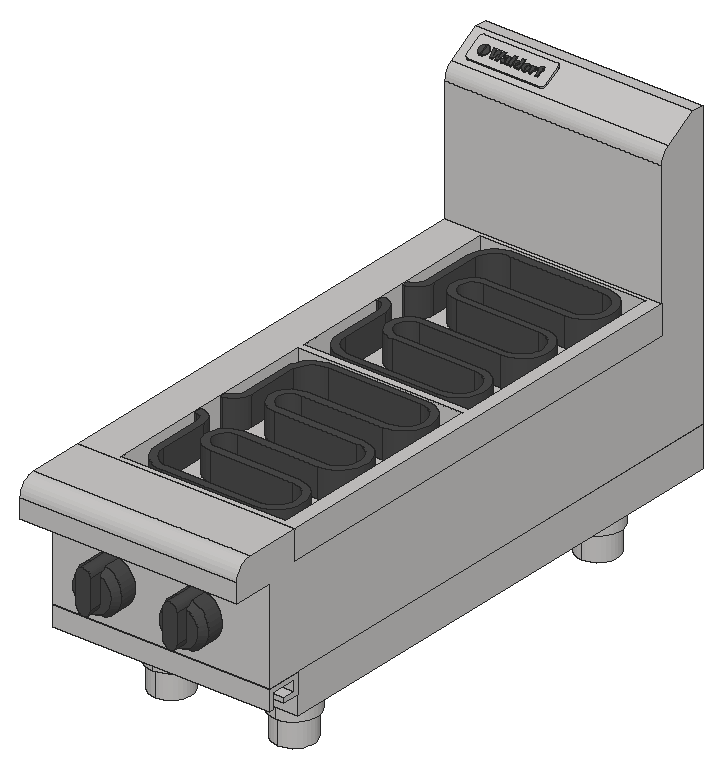
Revit family "QF_MOFFAT WALDORF_RN8200E-B", category Specialty Equipment, Revit 2012
Parameters
  Weight in Pounds = 70.5478
  Watts = 4800 W
  Volts = 240 V
  URL Cutsheet = "www.moffat.com"
  URL = "www.moffat.com"
  Type Mark [instance] = ""
  Status [instance] = ""
  Specification by User [instance] = ""
  Specification by Manufacturer = ""
  Show Logo [instance] = yes
  Serial Number = ""
  Seismic Rating = ""
  SMACNA No = ""
  Revision Code [instance] = ""
  Phase = 1
  Omniclass Number and Title = ""
  Number of Poles = 1
  NAFEM Spec ID Number = ""
  Model = "RN8200E-B"
  Min Ckt Ampacity = 0 A
  Max Overcurrent Protection = 0 A
  Masterspec = ""
  Manufacturer = "MOFFAT WALDORF"
  Item Number [instance] = ""
  Installed By [instance] = ""
  Identify Quantity as Lot [instance] = yes
  HP = ""
  Furnished By [instance] = ""
  Foodservice Equipment Identifier [instance] = yes
  FL Amps = 20 A
  Elec Conn RI Height = 0 mm
  Elec Conn Connection Height = 0 mm
  Description = "COOK TOP ELECTRIC BENCH MOUNT"
  Cycle = 50 Hz
  Conn Plug = ""
  Conn Conduit = yes
  CSI MasterFormat = ""
  CSI Master Format = ""
  Base Height [instance] = 80 mm
  Apparent Power = if(Phase = 3, Volts * FL Amps * 1.73, Volts * FL Amps)  # 4800 VA
Reference planes
  plane 1 "BACK": y = 0
  plane 2: z = 0
  plane 3 "LEFT": x = 0
  plane 4 "RIGHT": x = 300
  plane 5 "FRONT": y = -805
  plane 6 "TOP": z = 530
  plane 7 "Center Y": x = 150
  plane 8 "Center X": y = -402.5
  plane 9 "Base Height": z = 80
  plane 10: x = 200
  plane 11: z = 110
  plane 12: y = -32
Forms (mm)
  Extrusion 1, solid, material "QF_Finishes_Stainless Steel"
    sketch origin (0, 0, 0) x (0, 1, 0) y (0, 0, 1)
      loop
        line (-805, 291) -> (-805, 266) -> (-749, 266) -> (-749, 135) -> (0, 135) -> (0, 530) -> (-16.5, 530) -> (-58.709, 505.631)
        arc (-58.709, 505.631) -> (-66.975, 497.365) -> (-70, 486.074) r 22.582
        line (-70, 486.074) -> (-70, 275) -> (-705, 275) -> (-705, 315) -> (-781, 315)
        arc (-781, 315) -> (-797.971, 307.971) -> (-805, 291) r 24
      loop
        line (0, 80) -> (0, 134.206) -> (-699, 134.206) -> (-699, 80) -> (0, 80)
      loop
        line (-749, 134.206) -> (-749, 107.019) -> (-742.6, 107.019) -> (-742.6, 127.806) -> (-706.181, 127.806) -> (-706.181, 113.419) -> (-724.781, 113.419) -> (-724.781, 107.019) -> (-699.806, 107.019) -> (-699.806, 134.206) -> (-749, 134.206)
    from 0 to 300
  Revolve 2, solid, material "QF_Finishes_Stainless Steel"
    sketch origin (235, -735, 0) x (0, 1, 0) y (0, 0, -1)
      loop
        line (78.25, -80) -> (110, -80) -> (110, 0) -> (82.5, 0) -> (82.5, -35) -> (78.25, -35) -> (78.25, -80)
      axis (110, -80) -> (110, 0)
    angle from 0 to 360
  Revolve 3, solid, material "QF_Finishes_Stainless Steel"
    sketch origin (235, -210, 0) x (0, 1, 0) y (0, 0, -1)
      loop
        line (78.25, -80) -> (110, -80) -> (110, 0) -> (82.5, 0) -> (82.5, -35) -> (78.25, -35) -> (78.25, -80)
      axis (110, -80) -> (110, 0)
    angle from 0 to 360
  Revolve 4, solid, material "QF_Finishes_Stainless Steel"
    sketch origin (65, -735, 0) x (0, 1, 0) y (0, 0, 1)
      loop
        line (78.25, 80) -> (78.25, 35) -> (82.5, 35) -> (82.5, 0) -> (110, 0) -> (110, 80) -> (78.25, 80)
      axis (110, 80) -> (110, 0)
    angle from 0 to 360
  Revolve 5, solid, material "QF_Finishes_Stainless Steel"
    sketch origin (65, -210, 0) x (0, 1, 0) y (0, 0, 1)
      loop
        line (78.25, 80) -> (78.25, 35) -> (82.5, 35) -> (82.5, 0) -> (110, 0) -> (110, 80) -> (78.25, 80)
      axis (110, 80) -> (110, 0)
    angle from 0 to 360
  Revolve 6, solid, material "QF_Finishes_Black"
    sketch origin (210, 0, 28.395) x (0, -1, 0) y (0, 0, 1)
      loop
        line (782, 204.605) -> (759, 204.605) -> (759, 177.105) -> (749, 177.105) -> (749, 172.105) -> (793, 172.105) -> (793, 198.757) -> (782, 204.605)
      axis (793, 172.105) -> (749, 172.105)
    angle from 0 to 360
  Extrusion 7, solid, material "QF_Finishes_Black"
    sketch origin (71.569, 0, -100.872) x (1, 0, 0) y (0, 0, 1)
      loop
        line (148.431, 289) -> (148.431, 327.997)
        arc (148.431, 327.997) -> (138.431, 337.997) -> (128.431, 327.997) r 10
        line (128.431, 327.997) -> (128.431, 289)
        arc (128.431, 289) -> (138.431, 279) -> (148.431, 289) r 10
    from 759 to 808
  Extrusion 8, solid, material "QF_Finishes_Stainless Steel"
    sketch origin (0, -70, 275) x (0, -1, 0) y (1, 0, 0)
      loop
        line (0, 300) -> (0, 0) -> (635, 0) -> (635, 300) -> (0, 300)
      loop
        line (628.25, 54) -> (628.25, 282.75) -> (322.5, 282.75) -> (322.5, 54) -> (628.25, 54)
      loop
        line (6.75, 54) -> (312.5, 54) -> (312.5, 282.75) -> (6.75, 282.75) -> (6.75, 54)
    from 0 to 40
  Extrusion 9, solid, material "QF_Finishes_Black"
    sketch origin (0, -70, 275) x (0, -1, 0) y (1, 0, 0)
      loop
        arc (21.5, 234.6) -> (49.2, 262.3) -> (76.9, 234.6) r 27.7
        line (76.9, 234.6) -> (76.9, 122)
        arc (76.9, 122) -> (104.6, 94.3) -> (132.3, 122) r 27.7
        line (132.3, 122) -> (132.3, 234.6)
        arc (132.3, 234.6) -> (160, 262.3) -> (187.7, 234.6) r 27.7
        line (187.7, 234.6) -> (187.7, 122)
        arc (187.7, 122) -> (215.4, 94.3) -> (243.1, 122) r 27.7
        line (243.1, 122) -> (243.1, 234.6)
        arc (243.1, 234.6) -> (270.8, 262.3) -> (298.5, 234.6) r 27.7
        line (298.5, 234.6) -> (298.5, 107)
        arc (298.5, 107) -> (291.405, 87.847) -> (272.854, 79.3) r 26.722
        line (272.854, 79.3) -> (201.646, 79.3)
        arc (201.646, 79.3) -> (185.755, 73.424) -> (176.869, 59) r 25.973
        line (176.869, 59) -> (176.869, 53.821) -> (186.628, 53.821) -> (186.628, 56.818)
        arc (186.628, 56.818) -> (192.056, 65.658) -> (201.769, 69.3) r 15.973
        line (201.769, 69.3) -> (273.036, 69.3)
        arc (273.036, 69.3) -> (298.601, 80.901) -> (308.5, 107.172) r 36.722
        line (308.5, 107.172) -> (308.5, 234.6)
        arc (308.5, 234.6) -> (270.8, 272.3) -> (233.1, 234.6) r 37.7
        line (233.1, 234.6) -> (233.1, 122)
        arc (233.1, 122) -> (215.4, 104.3) -> (197.7, 122) r 17.7
        line (197.7, 122) -> (197.7, 234.6)
        arc (197.7, 234.6) -> (160, 272.3) -> (122.3, 234.6) r 37.7
        line (122.3, 234.6) -> (122.3, 122)
        arc (122.3, 122) -> (104.6, 104.3) -> (86.9, 122) r 17.7
        line (86.9, 122) -> (86.9, 234.6)
        arc (86.9, 234.6) -> (49.2, 272.3) -> (11.5, 234.6) r 37.7
        line (11.5, 234.6) -> (11.5, 107.172)
        arc (11.5, 107.172) -> (21.399, 80.901) -> (46.964, 69.3) r 36.722
        line (46.964, 69.3) -> (118.243, 69.3)
        arc (118.243, 69.3) -> (127.905, 65.684) -> (133.272, 56.873) r 15.79
        line (133.272, 56.873) -> (133.272, 54) -> (143.043, 54) -> (143.043, 59)
        arc (143.043, 59) -> (134.222, 73.436) -> (118.354, 79.3) r 25.79
        line (118.354, 79.3) -> (47.146, 79.3)
        arc (47.146, 79.3) -> (28.595, 87.847) -> (21.5, 107) r 26.722
        line (21.5, 107) -> (21.5, 234.6)
      loop
        arc (336.5, 234.6) -> (364.2, 262.3) -> (391.9, 234.6) r 27.7
        line (391.9, 234.6) -> (391.9, 122)
        arc (391.9, 122) -> (419.6, 94.3) -> (447.3, 122) r 27.7
        line (447.3, 122) -> (447.3, 234.6)
        arc (447.3, 234.6) -> (475, 262.3) -> (502.7, 234.6) r 27.7
        line (502.7, 234.6) -> (502.7, 122)
        arc (502.7, 122) -> (530.4, 94.3) -> (558.1, 122) r 27.7
        line (558.1, 122) -> (558.1, 234.6)
        arc (558.1, 234.6) -> (585.8, 262.3) -> (613.5, 234.6) r 27.7
        line (613.5, 234.6) -> (613.5, 107)
        arc (613.5, 107) -> (606.405, 87.847) -> (587.854, 79.3) r 26.722
        line (587.854, 79.3) -> (516.646, 79.3)
        arc (516.646, 79.3) -> (500.755, 73.424) -> (491.869, 59) r 25.973
        line (491.869, 59) -> (491.869, 54) -> (501.628, 54) -> (501.628, 56.818)
        arc (501.628, 56.818) -> (507.056, 65.658) -> (516.769, 69.3) r 15.973
        line (516.769, 69.3) -> (588.036, 69.3)
        arc (588.036, 69.3) -> (613.601, 80.901) -> (623.5, 107.172) r 36.722
        line (623.5, 107.172) -> (623.5, 234.6)
        arc (623.5, 234.6) -> (585.8, 272.3) -> (548.1, 234.6) r 37.7
        line (548.1, 234.6) -> (548.1, 122)
        arc (548.1, 122) -> (530.4, 104.3) -> (512.7, 122) r 17.7
        line (512.7, 122) -> (512.7, 234.6)
        arc (512.7, 234.6) -> (475, 272.3) -> (437.3, 234.6) r 37.7
        line (437.3, 234.6) -> (437.3, 122)
        arc (437.3, 122) -> (419.6, 104.3) -> (401.9, 122) r 17.7
        line (401.9, 122) -> (401.9, 234.6)
        arc (401.9, 234.6) -> (364.2, 272.3) -> (326.5, 234.6) r 37.7
        line (326.5, 234.6) -> (326.5, 107.172)
        arc (326.5, 107.172) -> (336.399, 80.901) -> (361.964, 69.3) r 36.722
        line (361.964, 69.3) -> (433.243, 69.3)
        arc (433.243, 69.3) -> (442.905, 65.684) -> (448.272, 56.873) r 15.79
        line (448.272, 56.873) -> (448.272, 54) -> (458.043, 54) -> (458.043, 59)
        arc (458.043, 59) -> (449.222, 73.436) -> (433.354, 79.3) r 25.79
        line (433.354, 79.3) -> (362.146, 79.3)
        arc (362.146, 79.3) -> (343.595, 87.847) -> (336.5, 107) r 26.722
        line (336.5, 107) -> (336.5, 234.6)
    from 0 to 40
  Revolve 10, solid, material "QF_Finishes_Black"
    sketch origin (90, 0, 28.395) x (0, -1, 0) y (0, 0, -1)
      loop
        line (782, -204.605) -> (793, -198.757) -> (793, -172.105) -> (749, -172.105) -> (749, -177.105) -> (759, -177.105) -> (759, -204.605) -> (782, -204.605)
      axis (793, -172.105) -> (749, -172.105)
    angle from 0 to 360
  Extrusion 11, solid, material "QF_Finishes_Black"
    sketch origin (228.431, 0, -75.602) x (-1, 0, 0) y (0, 0, -1)
      loop
        arc (148.431, -264) -> (138.431, -254) -> (128.431, -264) r 10
        line (128.431, -264) -> (128.431, -302.997)
        arc (128.431, -302.997) -> (138.431, -312.997) -> (148.431, -302.997) r 10
        line (148.431, -302.997) -> (148.431, -264)
    from 759 to 808
  Extrusion 12, solid, material "QF_Finishes_Stainless Steel"
    sketch origin (0, 0, 80) x (-1, 0, 0) y (0, 1, 0)
      loop
        circle (-200.073, -32) r 6.35
    from 0 to 1.6
Cuts and joins
  joined: Revolve 6, Extrusion 7
  joined: Revolve 10, Extrusion 11
Lines and regions (mm)
  Split face 1
    outline origin (22.5, -19.748, 528.125) x (0, -0.866025, -0.5) y (1, 0, 0)
      loop
        line (2.521, 105.5) -> (34.271, 105.5) -> (34.271, 125.5) -> (2.521, 125.5) -> (2.521, 105.5)
  Split face 2
    outline origin (38.228, -19.748, 528.125) x (0, -0.866025, -0.5) y (1, 0, 0)
      loop
        line (2.888, 116.772) -> (34.271, 116.772) -> (34.271, 136.772) -> (2.888, 136.772) -> (2.888, 116.772)
  Split face 3
    outline origin (54.045, -19.748, 528.125) x (0, -0.866025, -0.5) y (1, 0, 0)
      loop
        line (3.1, 127.955) -> (34.271, 127.955) -> (34.271, 147.955) -> (3.1, 147.955) -> (3.1, 127.955)
  Split face 4
    outline origin (85.488, -19.748, 528.125) x (0, -0.866025, -0.5) y (1, 0, 0)
      loop
        line (3.893, 123.512) -> (34.271, 123.512) -> (34.271, 143.512) -> (3.893, 143.512) -> (3.893, 123.512)
  Split face 5
    outline origin (110.68, -19.748, 528.125) x (0, -0.866025, -0.5) y (1, 0, 0)
      loop
        line (4.041, 125.32) -> (34.271, 125.32) -> (34.271, 145.32) -> (4.041, 145.32) -> (4.041, 125.32)
  Split face 6
    outline origin (138.06, -19.748, 528.125) x (0, -0.866025, -0.5) y (1, 0, 0)
      loop
        line (4.181, 124.94) -> (34.271, 124.94) -> (34.271, 144.94) -> (4.181, 144.94) -> (4.181, 124.94)
  symbolic lines
    curve 1: line (0, 0, 0) -> (0, -805, 0)
    curve 2: line (300, 0, 0) -> (0, 0, 0)
    curve 3: line (300, -805, 0) -> (300, 0, 0)
    curve 4: line (0, -70, 0) -> (300, -70, 0)
    curve 5: line (0, -805, 0) -> (300, -805, 0)
    curve 10: line (300, -705, 0) -> (0, -705, 0)
    curve 11: line (128, -49.427, 0) -> (128, -22.054, 0)
    curve 12: line (128, -22.054, 0) -> (148, -22.054, 0)
    curve 13: line (148, -22.054, 0) -> (148, -49.427, 0)
    curve 14: line (148, -49.427, 0) -> (128, -49.427, 0)
    curve 15: line (155, -22.249, 0) -> (155, -49.427, 0)
    curve 16: line (155, -49.427, 0) -> (175, -49.427, 0)
    curve 17: line (175, -49.427, 0) -> (175, -22.249, 0)
    curve 18: line (175, -22.249, 0) -> (155, -22.249, 0)
    curve 19: line (182, -49.427, 0) -> (182, -22.432, 0)
    curve 20: line (182, -22.432, 0) -> (202, -22.432, 0)
    curve 21: line (202, -22.432, 0) -> (202, -49.427, 0)
    curve 22: line (202, -49.427, 0) -> (182, -49.427, 0)
    curve 23: line (209, -49.427, 0) -> (209, -23.119, 0)
    curve 24: line (209, -23.119, 0) -> (229, -23.119, 0)
    curve 25: line (229, -23.119, 0) -> (229, -49.427, 0)
    curve 26: line (229, -49.427, 0) -> (209, -49.427, 0)
    curve 27: line (236, -49.427, 0) -> (236, -23.247, 0)
    curve 28: line (236, -23.247, 0) -> (256, -23.247, 0)
    curve 29: line (256, -23.247, 0) -> (256, -49.427, 0)
    curve 30: line (256, -49.427, 0) -> (236, -49.427, 0)
    curve 31: line (263, -49.427, 0) -> (263, -23.368, 0)
    curve 32: line (263, -23.368, 0) -> (283, -23.368, 0)
    curve 33: line (283, -23.368, 0) -> (283, -49.427, 0)
    curve 34: line (283, -49.427, 0) -> (263, -49.427, 0)
    curve 35: line (54, -705, 0) -> (54, -70, 0)
    curve 36: line (282.75, -70, 0) -> (282.75, -705, 0)
    curve 37: line (54, -387.5, 0) -> (282.75, -387.5, 0)
    curve 38: line (234.6, -86.5, 0) -> (107.089, -86.5, 0)
    curve 39: arc (107.089, -86.5, 0) -> (84.376, -94.994, 0) -> (74.3, -117.051, 0) r 31.722
    curve 40: line (74.3, -117.051, 0) -> (74.3, -188.302, 0)
    curve 41: arc (74.3, -188.302, 0) -> (69.375, -201.285, 0) -> (57.374, -208.272, 0) r 20.79
    curve 42: line (57.374, -208.272, 0) -> (54, -208.272, 0)
    curve 43: arc (234.6, -151.9, 0) -> (267.3, -119.2, 0) -> (234.6, -86.5, 0) r 32.7
    curve 44: line (122, -151.9, 0) -> (234.6, -151.9, 0)
    curve 45: arc (122, -197.3, 0) -> (99.3, -174.6, 0) -> (122, -151.9, 0) r 22.7
    curve 46: line (234.6, -197.3, 0) -> (122, -197.3, 0)
    curve 47: arc (234.6, -262.7, 0) -> (267.3, -230, 0) -> (234.6, -197.3, 0) r 32.7
    curve 48: line (122, -262.7, 0) -> (234.6, -262.7, 0)
    curve 49: arc (122, -308.1, 0) -> (99.3, -285.4, 0) -> (122, -262.7, 0) r 22.7
    curve 50: line (234.6, -308.1, 0) -> (122, -308.1, 0)
    curve 51: arc (234.6, -373.5, 0) -> (267.3, -340.8, 0) -> (234.6, -308.1, 0) r 32.7
    curve 52: line (107.089, -373.5, 0) -> (234.6, -373.5, 0)
    curve 53: arc (74.3, -342.949, 0) -> (84.376, -365.006, 0) -> (107.089, -373.5, 0) r 31.722
    curve 54: line (74.3, -271.704, 0) -> (74.3, -342.949, 0)
    curve 55: arc (57.332, -251.628, 0) -> (69.352, -258.678, 0) -> (74.3, -271.704, 0) r 20.973
    curve 56: line (53.821, -251.628, 0) -> (57.332, -251.628, 0)
    curve 57: line (234.6, -401.5, 0) -> (107.089, -401.5, 0)
    curve 58: arc (107.089, -401.5, 0) -> (84.376, -409.994, 0) -> (74.3, -432.051, 0) r 31.722
    curve 59: line (74.3, -432.051, 0) -> (74.3, -503.302, 0)
    curve 60: arc (74.3, -503.302, 0) -> (69.375, -516.285, 0) -> (57.374, -523.272, 0) r 20.79
    curve 61: line (57.374, -523.272, 0) -> (54, -523.272, 0)
    curve 62: arc (234.6, -466.9, 0) -> (267.3, -434.2, 0) -> (234.6, -401.5, 0) r 32.7
    curve 63: line (122, -466.9, 0) -> (234.6, -466.9, 0)
    curve 64: arc (122, -512.3, 0) -> (99.3, -489.6, 0) -> (122, -466.9, 0) r 22.7
    curve 65: line (234.6, -512.3, 0) -> (122, -512.3, 0)
    curve 66: arc (234.6, -577.7, 0) -> (267.3, -545, 0) -> (234.6, -512.3, 0) r 32.7
    curve 67: line (122, -577.7, 0) -> (234.6, -577.7, 0)
    curve 68: arc (122, -623.1, 0) -> (99.3, -600.4, 0) -> (122, -577.7, 0) r 22.7
    curve 69: line (234.6, -623.1, 0) -> (122, -623.1, 0)
    curve 70: arc (234.6, -688.5, 0) -> (267.3, -655.8, 0) -> (234.6, -623.1, 0) r 32.7
    curve 71: line (107.089, -688.5, 0) -> (234.6, -688.5, 0)
    curve 72: arc (74.3, -657.949, 0) -> (84.376, -680.006, 0) -> (107.089, -688.5, 0) r 31.722
    curve 73: line (74.3, -586.704, 0) -> (74.3, -657.949, 0)
    curve 74: arc (57.332, -566.628, 0) -> (69.352, -573.678, 0) -> (74.3, -586.704, 0) r 20.973
    curve 75: line (53.821, -566.628, 0) -> (57.332, -566.628, 0)
  symbolic lines, visible <- "Show Logo"
    curve 6: line (12.5, -51.234, 0) -> (12.5, -20.958, 0)
    curve 7: line (12.5, -20.958, 0) -> (121.5, -20.958, 0)
    curve 8: line (12.5, -51.234, 0) -> (121.5, -51.234, 0)
    curve 9: line (121.5, -20.958, 0) -> (121.5, -51.234, 0)
Dimensions and locks
  equal spacing: plane 3 "LEFT", plane 7 "Center Y", plane 4 "RIGHT"
  plane 3 "LEFT" to plane 4 "RIGHT" = 300 mm
  equal spacing: plane 5 "FRONT", plane 8 "Center X", plane 1 "BACK"
  plane 5 "FRONT" to plane 1 "BACK" = 805 mm  (x2)
  equal spacing: plane 4 "RIGHT", plane 7 "Center Y", plane 3 "LEFT"
  plane 4 "RIGHT" to plane 3 "LEFT" = 300 mm
  "Base Height": plane 9 "Base Height" to level
  locked: plane 6 "TOP" to plane 9 "Base Height" at 450
  locked: nested 1 to nested 1 at 17.226
  plane 6 "TOP" to nested 1 to nested 1 = 1.576 mm locked, 17.226 mm locked
  Revolve 10 sketch curve to Revolve 10 sketch curve to Revolve 10 sketch curve to Revolve 10 sketch curve = 5.849 mm locked, 21.651 mm locked, 5 mm locked
  plane 6 "TOP" to Extrusion 1 sketch curve to Extrusion 1 sketch curve to Extrusion 1 sketch curve to Extrusion 1 sketch curve to Extrusion 1 sketch curve = 215 mm locked, 40 mm locked, 9 mm locked, 131 mm locked, 55 mm locked
  plane 10 to plane 4 "RIGHT" = 100 mm
  plane 11 to level = 110 mm
  plane 12 to plane 1 "BACK" = 32 mm
  aligned and locked: level to plane 2
  aligned and locked: curve 3 to plane 4 "RIGHT"
  aligned and locked: Revolve 10 sketch curve to Extrusion 1
  aligned and locked: cut or joined group of Revolve 6, Extrusion 7 to cut or joined group of Revolve 6, Extrusion 7
  aligned and locked: cut or joined group of Revolve 6, Extrusion 7 to cut or joined group of Revolve 10, Extrusion 11
  aligned and locked: cut or joined group of Revolve 6, Extrusion 7 to Extrusion 1
Automatic sketch dimensions
  plane 1 "BACK" to curve 1 = 0 mm
  curve 1 to plane 3 "LEFT" = 0 mm
  plane 5 "FRONT" to curve 1 = 0 mm
  plane 3 "LEFT" to curve 6 = 12.5 mm
  plane 3 "LEFT" to curve 74 = 53.333 mm
  plane 3 "LEFT" to curve 55 = 53.333 mm
  plane 3 "LEFT" to curve 41 = 53.516 mm
  plane 3 "LEFT" to curve 60 = 53.516 mm
  curve 55 to curve 56 = 0.487 mm
  curve 74 to curve 75 = 0.487 mm
  curve 6 to curve 35 = 41.5 mm
  curve 56 to curve 56 = 3.512 mm
  curve 75 to curve 74 = 3.512 mm
  curve 42 to curve 42 = 3.374 mm
  curve 61 to curve 60 = 3.374 mm
  curve 35 to curve 73 = 20.3 mm
  curve 37 to curve 54 = 20.3 mm
  curve 41 to curve 40 = 20.784 mm
  curve 37 to curve 59 = 20.3 mm
  curve 53 to curve 53 = 31.701 mm
  curve 72 to curve 72 = 31.701 mm
  curve 59 to curve 58 = 31.701 mm
  curve 40 to curve 39 = 31.701 mm
  curve 39 to curve 39 = 1.088 mm
  curve 72 to curve 71 = 1.088 mm
  plane 8 "Center X" to curve 58 = 1 mm
  curve 58 to curve 58 = 1.088 mm
  curve 53 to curve 57 = 0 mm
  curve 9 to plane 7 "Center Y" = 28.5 mm
  curve 63 to plane 7 "Center Y" = 28 mm
  curve 50 to plane 7 "Center Y" = 28 mm
  curve 45 to plane 7 "Center Y" = 28 mm
  curve 69 to plane 7 "Center Y" = 28 mm
  curve 7 to curve 11 = 6.5 mm
  curve 12 to plane 7 "Center Y" = 2 mm
  plane 7 "Center Y" to curve 15 = 5 mm
  curve 15 to curve 16 = 20 mm
  curve 16 to curve 22 = 7 mm
  curve 19 to curve 22 = 20 mm
  curve 21 to curve 26 = 7 mm
  curve 23 to curve 24 = 20 mm
  plane 4 "RIGHT" to curve 70 = 65.4 mm
  plane 4 "RIGHT" to curve 48 = 65.4 mm
  curve 67 to curve 69 = 0 mm
  curve 51 to curve 47 = 0 mm
  curve 25 to curve 38 = 5.6 mm
  curve 62 to curve 51 = 0 mm
  curve 25 to curve 27 = 7 mm
  curve 27 to curve 28 = 20 mm
  curve 28 to curve 31 = 7 mm
  plane 4 "RIGHT" to curve 36 = 17.25 mm
  plane 4 "RIGHT" to curve 33 = 17 mm
  curve 10 to plane 5 "FRONT" = 100 mm
  curve 36 to curve 70 = 16.5 mm
  curve 72 to curve 72 = 30.551 mm
  curve 71 to curve 70 = 32.7 mm
  curve 68 to curve 68 = 22.7 mm
  curve 74 to curve 67 = 9.516 mm
  curve 74 to curve 73 = 0.512 mm
  curve 66 to curve 66 = 32.7 mm
  curve 74 to curve 60 = 43.356 mm
  curve 60 to curve 59 = 19.97 mm
  curve 64 to curve 64 = 22.7 mm
  curve 58 to curve 58 = 31.704 mm
  plane 8 "Center X" to curve 37 = 15 mm
  curve 57 to curve 51 = 28 mm
  curve 52 to curve 54 = 30.551 mm
  curve 52 to curve 51 = 32.7 mm
  curve 49 to curve 49 = 22.7 mm
  curve 55 to curve 48 = 9.516 mm
  curve 55 to curve 55 = 0.512 mm
  curve 48 to curve 47 = 32.7 mm
  curve 56 to curve 42 = 43.356 mm
  curve 42 to curve 41 = 19.97 mm
  curve 45 to curve 45 = 22.7 mm
  curve 44 to curve 43 = 32.7 mm
  curve 39 to curve 38 = 31.704 mm
  curve 38 to curve 36 = 16.5 mm
  curve 4 to curve 6 = 18.766 mm
  curve 8 to curve 16 = 1.807 mm
  curve 36 to curve 31 = 20.573 mm
  curve 30 to curve 31 = 0 mm
  curve 8 to curve 11 = 1.807 mm
  curve 26 to curve 27 = 0 mm
  curve 16 to curve 19 = 0 mm
  plane 1 "BACK" to curve 33 = 23.368 mm
  curve 31 to curve 28 = 0.121 mm
  curve 27 to curve 24 = 0.129 mm
  curve 23 to curve 20 = 0.687 mm
  plane 1 "BACK" to curve 18 = 22.249 mm
  plane 1 "BACK" to curve 12 = 22.054 mm
  plane 1 "BACK" to curve 6 = 20.958 mm
  Revolve 2 sketch curve to plane 9 "Base Height" = 0 mm
  Revolve 2 sketch curve to level = 0 mm
  level to Revolve 2 sketch curve = 35 mm
  Revolve 2 sketch curve to plane 5 "FRONT" = 148.25 mm
  Revolve 2 sketch curve to Revolve 2 sketch curve = 4.25 mm
  Revolve 2 sketch curve to Revolve 2 sketch curve = 27.5 mm
  Revolve 2 sketch curve to Revolve 2 sketch curve = 0 mm
  Revolve 2 sketch curve to plane 9 "Base Height" = 30 mm
  Revolve 2 sketch curve to Revolve 2 sketch curve = 55 mm
  Revolve 3 sketch curve to plane 9 "Base Height" = 0 mm
  Revolve 3 sketch curve to level = 0 mm
  level to Revolve 3 sketch curve = 35 mm
  plane 1 "BACK" to Revolve 3 sketch curve = 131.75 mm
  Revolve 3 sketch curve to Revolve 3 sketch curve = 4.25 mm
  Revolve 3 sketch curve to Revolve 3 sketch curve = 27.5 mm
  Revolve 3 sketch curve to Revolve 3 sketch curve = 0 mm
  Revolve 3 sketch curve to plane 9 "Base Height" = 30 mm
  Revolve 3 sketch curve to Revolve 3 sketch curve = 55 mm
  Revolve 4 sketch curve to plane 9 "Base Height" = 0 mm
  Revolve 4 sketch curve to level = 0 mm
  level to Revolve 4 sketch curve = 35 mm
  Revolve 4 sketch curve to plane 5 "FRONT" = 148.25 mm
  Revolve 4 sketch curve to Revolve 4 sketch curve = 4.25 mm
  Revolve 4 sketch curve to Revolve 4 sketch curve = 27.5 mm
  Revolve 4 sketch curve to Revolve 4 sketch curve = 0 mm
  Revolve 4 sketch curve to Revolve 4 sketch curve = 55 mm
  Revolve 4 sketch curve to plane 9 "Base Height" = 30 mm
  Revolve 5 sketch curve to plane 9 "Base Height" = 0 mm
  Revolve 5 sketch curve to level = 0 mm
  level to Revolve 5 sketch curve = 35 mm
  plane 1 "BACK" to Revolve 5 sketch curve = 131.75 mm
  Revolve 5 sketch curve to Revolve 5 sketch curve = 4.25 mm
  Revolve 5 sketch curve to Revolve 5 sketch curve = 27.5 mm
  Revolve 5 sketch curve to Revolve 5 sketch curve = 0 mm
  Revolve 5 sketch curve to Revolve 5 sketch curve = 55 mm
  Revolve 5 sketch curve to plane 9 "Base Height" = 30 mm
  Revolve 6 sketch curve to plane 5 "FRONT" = 56 mm
  Revolve 6 sketch curve to Revolve 6 sketch curve = 10 mm
  Revolve 6 sketch curve to Revolve 6 sketch curve = 11.379 mm
  Revolve 6 sketch curve to plane 5 "FRONT" = 23 mm
  Revolve 6 sketch curve to plane 5 "FRONT" = 12 mm
  Revolve 6 sketch curve to Revolve 6 sketch curve = 0 mm  (x2)
  plane 7 "Center Y" to Extrusion 7 sketch curve = 50 mm
  Extrusion 7 sketch curve to Extrusion 7 sketch curve = 10 mm
  plane 9 "Base Height" to Extrusion 7 sketch curve = 108.128 mm
  Extrusion 7 sketch curve to Extrusion 7 sketch curve = 38.997 mm
  Extrusion 8 sketch curve to Extrusion 1 = 0 mm  (x3)
  Extrusion 1 to Extrusion 8 sketch curve = 0 mm
  Extrusion 1 to Extrusion 8 sketch curve = 6.75 mm
  Extrusion 1 to Extrusion 8 sketch curve = 17.25 mm  (x2)
  Extrusion 8 sketch curve to Extrusion 8 sketch curve = 305.75 mm
  Extrusion 8 sketch curve to Extrusion 8 sketch curve = 10 mm
  Extrusion 8 sketch curve to Extrusion 1 = 6.75 mm
  Extrusion 1 to Extrusion 8 sketch curve = 54 mm  (x2)
  Extrusion 9 sketch curve to Extrusion 9 sketch curve = 0 mm  (x39)
  Extrusion 1 to Extrusion 9 sketch curve = 11.5 mm
  Extrusion 9 sketch curve to Extrusion 9 sketch curve = 10 mm  (x2)
  Extrusion 9 sketch curve to Extrusion 9 sketch curve = 25.464 mm  (x2)
  Extrusion 9 sketch curve to Extrusion 9 sketch curve = 0.182 mm  (x4)
  Extrusion 9 sketch curve to Extrusion 9 sketch curve = 1.058 mm  (x3)
  Extrusion 9 sketch curve to Extrusion 9 sketch curve = 27.7 mm  (x6)
  Extrusion 9 sketch curve to Extrusion 9 sketch curve = 17.7 mm  (x4)
  Extrusion 9 sketch curve to Extrusion 9 sketch curve = 4.457 mm  (x2)
  Extrusion 9 sketch curve to Extrusion 9 sketch curve = 0.4 mm  (x2)
  Extrusion 9 sketch curve to Extrusion 9 sketch curve = 0.111 mm  (x2)
  Extrusion 9 sketch curve to Extrusion 9 sketch curve = 15.428 mm  (x2)
  Extrusion 9 sketch curve to Extrusion 9 sketch curve = 9.771 mm  (x2)
  Extrusion 9 sketch curve to Extrusion 9 sketch curve = 33.826 mm  (x2)
  Extrusion 9 sketch curve to Extrusion 9 sketch curve = 9.759 mm  (x2)
  Extrusion 9 sketch curve to Extrusion 9 sketch curve = 15.018 mm  (x2)
  Extrusion 9 sketch curve to Extrusion 9 sketch curve = 0.123 mm  (x2)
  Extrusion 9 sketch curve to Extrusion 9 sketch curve = 15.588 mm  (x2)
  Extrusion 9 sketch curve to Extrusion 9 sketch curve = 26.704 mm  (x3)
  Extrusion 9 sketch curve to Extrusion 9 sketch curve = 18 mm
  Extrusion 1 to Extrusion 9 sketch curve = 53.333 mm  (x2)
  Extrusion 1 to Extrusion 9 sketch curve = 53.516 mm  (x2)
  Extrusion 9 sketch curve to Extrusion 9 sketch curve = 0.487 mm
  Extrusion 9 sketch curve to Extrusion 9 sketch curve = 0.667 mm
  Extrusion 9 sketch curve to Extrusion 9 sketch curve = 0.484 mm  (x2)
  Extrusion 9 sketch curve to Extrusion 9 sketch curve = 2.998 mm
  Extrusion 9 sketch curve to Extrusion 9 sketch curve = 2.818 mm
  Extrusion 9 sketch curve to Extrusion 9 sketch curve = 2.873 mm  (x2)
  Extrusion 9 sketch curve to Extrusion 9 sketch curve = 5 mm  (x3)
  Extrusion 9 sketch curve to Extrusion 9 sketch curve = 5.179 mm
  Extrusion 9 sketch curve to Extrusion 9 sketch curve = 26.701 mm  (x4)
  Extrusion 9 sketch curve to Extrusion 9 sketch curve = 42.7 mm  (x4)
  Extrusion 1 to Extrusion 9 sketch curve = 65.4 mm  (x3)
  Extrusion 1 to Split face 1 sketch curve = 6.271 mm
  Split face 1 sketch curve to Extrusion 1 = 10.718 mm
  Split face 1 sketch curve to Extrusion 1 = 128 mm
  Split face 1 sketch curve to Split face 1 sketch curve = 20 mm
  Extrusion 1 to Split face 2 sketch curve = 6.638 mm
  Split face 2 sketch curve to Extrusion 1 = 10.718 mm
  Split face 2 sketch curve to Extrusion 1 = 145 mm
  Split face 2 sketch curve to Split face 2 sketch curve = 20 mm
  Extrusion 1 to Split face 3 sketch curve = 6.85 mm
  Split face 3 sketch curve to Extrusion 1 = 10.718 mm
  Split face 3 sketch curve to Extrusion 1 = 118 mm
  Split face 3 sketch curve to Split face 3 sketch curve = 20 mm
  Extrusion 1 to Split face 4 sketch curve = 7.643 mm
  Split face 4 sketch curve to Extrusion 1 = 10.718 mm
  Split face 4 sketch curve to Extrusion 1 = 91 mm
  Split face 4 sketch curve to Split face 4 sketch curve = 20 mm
  Extrusion 1 to Split face 5 sketch curve = 7.791 mm
  Split face 5 sketch curve to Extrusion 1 = 10.718 mm
  Split face 5 sketch curve to Extrusion 1 = 64 mm
  Split face 5 sketch curve to Split face 5 sketch curve = 20 mm
  Extrusion 1 to Split face 6 sketch curve = 7.931 mm
  Split face 6 sketch curve to Extrusion 1 = 10.718 mm
  Split face 6 sketch curve to Extrusion 1 = 37 mm
  Split face 6 sketch curve to Extrusion 1 = 17 mm
  Revolve 10 sketch curve to Revolve 10 sketch curve = 10 mm
  Revolve 10 sketch curve to Revolve 10 sketch curve = 21.3 mm
  Revolve 10 sketch curve to plane 5 "FRONT" = 23 mm
  Revolve 10 sketch curve to plane 5 "FRONT" = 12 mm
  Revolve 10 sketch curve to Revolve 10 sketch curve = 0 mm  (x2)
  Extrusion 11 sketch curve to plane 7 "Center Y" = 50 mm
  Extrusion 11 sketch curve to Extrusion 11 sketch curve = 10 mm
  Extrusion 11 sketch curve to Extrusion 11 sketch curve = 38.997 mm
  Extrusion 1 sketch curve to plane 5 "FRONT" = 0 mm
  Extrusion 1 sketch curve to plane 6 "TOP" = 0 mm
  Extrusion 1 sketch curve to plane 1 "BACK" = 0 mm  (x2)
  Extrusion 1 sketch curve to plane 5 "FRONT" = 24 mm
  Extrusion 1 sketch curve to plane 5 "FRONT" = 56 mm
  Extrusion 1 sketch curve to Extrusion 1 sketch curve = 0 mm  (x2)
  Extrusion 1 sketch curve to Extrusion 1 sketch curve = 6.4 mm  (x4)
  Extrusion 1 sketch curve to Extrusion 1 sketch curve = 17.819 mm
  Extrusion 1 sketch curve to Extrusion 1 sketch curve = 18.6 mm
  Extrusion 1 sketch curve to Extrusion 1 sketch curve = 44 mm
  Extrusion 1 sketch curve to Extrusion 1 sketch curve = 6.376 mm
  Extrusion 1 sketch curve to Extrusion 1 sketch curve = 0.806 mm
  plane 1 "BACK" to Extrusion 1 sketch curve = 70 mm
  Extrusion 1 sketch curve to Extrusion 1 sketch curve = 11.291 mm
  Extrusion 1 sketch curve to Extrusion 1 sketch curve = 22.582 mm
  Extrusion 1 sketch curve to Extrusion 1 sketch curve = 16.5 mm
  Extrusion 1 sketch curve to Extrusion 1 sketch curve = 20.787 mm
  Extrusion 1 sketch curve to Extrusion 1 sketch curve = 0.794 mm
  Extrusion 1 sketch curve to plane 6 "TOP" = 43.926 mm
  Revolve 6 sketch curve to Revolve 6 sketch curve = 5.849 mm
  plane 9 "Base Height" to Revolve 6 sketch curve = 120.5 mm
  Revolve 6 sketch curve to Revolve 6 sketch curve = 5 mm
  Revolve 6 sketch curve to Revolve 6 sketch curve = 26.651 mm
  plane 9 "Base Height" to Revolve 10 sketch curve = 153 mm
  plane 9 "Base Height" to Extrusion 11 sketch curve = 147.395 mm
  Extrusion 12 sketch curve to Extrusion 1 = 99.927 mm
  Extrusion 1 to Extrusion 12 sketch curve = 32 mm
  radius of Extrusion 12 sketch curve = 6.35 mm
Nested families
  nested 1: "WALDORF LOGO" at (12.5, -36.099, 502.127), visible <- "Show Logo", type "WALDORF LOGO", detail levels medium+fine
    with Type Mark "", Status "", Specification by User "", Show Logo yes, Revision Code "", Item Number "", Installed By "", Identify Quantity as Lot yes, Furnished By "", Foodservice Equipment Identifier yes
Connectors
  electrical at (200.073, -32, 78.4), driven by "Volts", driven by "Watts"
    settings: on Extrusion 12, index 1, voltage 240 V, apparent load 4800 VA, apparent load phase1 0 VA, apparent load phase2 0 VA, apparent load phase3 0 VA, power factor 1, load classification "Other", number of poles 1, system type 30, power factor state 1, is connector primary yes, connector utility no, sub classification motor no, connector description "ELECTRICAL CONNECTION"
Definition of nested family "WALDORF LOGO"
  Parameters (values of type "BT8300-CB-LOGO")
    Weight in Pounds = 0
    URL Cutsheet = ""
    Type Mark [instance] = ""
    Status [instance] = ""
    Specification by User [instance] = ""
    Specification by Manufacturer = ""
    Show Logo [instance] = yes
    Serial Number = ""
    Seismic Rating = ""
    SMACNA No = ""
    Revision Code [instance] = ""
    Omniclass Number and Title = ""
    NAFEM Spec ID Number = ""
    Masterspec = ""
    Item Number [instance] = ""
    Installed By [instance] = ""
    Identify Quantity as Lot [instance] = yes
    Furnished By [instance] = ""
    Foodservice Equipment Identifier [instance] = yes
    CSI MasterFormat = ""
    CSI Master Format = ""
  Reference planes
    plane 1 "BACK": y = 0
    plane 2: z = 0
    plane 3 "LEFT": x = 0
    plane 4 "RIGHT": x = 109
    plane 5 "FRONT": y = -1.588
    plane 6 "TOP": z = 34.14
    plane 7 "Center Y": x = 54.5
    plane 8 "Center X": y = -0.794
  Forms (mm)
    Extrusion 1, solid, material "QF_Finishes_Stainless Steel", visible <- "Show Logo"
      sketch origin (0, -15.16, 7.701) x (1, 0, 0) y (0, 0.863373, 0.504566)
        loop
          arc (5, 34.14) -> (1.464, 32.676) -> (0, 29.14) r 5
          line (0, 29.14) -> (0, 5)
          arc (0, 5) -> (1.464, 1.464) -> (5, 0) r 5
          line (5, 0) -> (104, 0)
          arc (104, 0) -> (107.536, 1.464) -> (109, 5) r 5
          line (109, 5) -> (109, 29.14)
          arc (109, 29.14) -> (107.536, 32.676) -> (104, 34.14) r 5
          line (104, 34.14) -> (5, 34.14)
      from 0 to 1.588
    Extrusion 2, solid, material "QF_Finishes_Black", visible <- "Show Logo"
      sketch origin (0, -15.961, 9.072) x (1, 0, 0) y (0, 0.863373, 0.504566)
        loop
          line (24.772, 23.214) -> (27.992, 10.301) -> (31.551, 10.301) -> (33.443, 17.364) -> (35.205, 10.301) -> (39.332, 10.301) -> (42.077, 23.214) -> (38.352, 23.214) -> (36.676, 15.33) -> (35, 23.214) -> (31.752, 23.214) -> (30.076, 15.33) -> (28.4, 23.214) -> (24.772, 23.214)
        loop
          line (42.272, 17.055) -> (45.703, 17.055)
          spline (45.703, 17.055) -> (45.741, 17.285) -> (45.852, 17.499) -> (46.028, 17.682) -> (46.258, 17.823) -> (46.526, 17.912) -> (46.813, 17.942) -> (47.1, 17.912) -> (47.368, 17.823) -> (47.597, 17.682) -> (47.774, 17.499) -> (47.884, 17.285) -> (47.922, 17.055)
          line (47.922, 17.055) -> (47.922, 16.222)
          arc (47.922, 16.222) -> (45.742, 16.014) -> (43.665, 15.317) r 9.604
          arc (43.665, 15.317) -> (41.924, 12.809) -> (43.665, 10.301) r 2.677
          arc (43.665, 10.301) -> (45.527, 10.353) -> (47.332, 10.816) r 8.365
          line (47.332, 10.816) -> (48.092, 11.105) -> (48.092, 10.301) -> (51.817, 10.301) -> (51.817, 17.055)
          spline (51.817, 17.055) -> (51.654, 17.821) -> (51.178, 18.535) -> (50.419, 19.148) -> (49.431, 19.619) -> (48.28, 19.914) -> (47.044, 20.015) -> (45.809, 19.914) -> (44.658, 19.619) -> (43.67, 19.148) -> (42.911, 18.535) -> (42.434, 17.821) -> (42.272, 17.055)
        loop
          line (53.151, 23.214) -> (53.151, 10.301) -> (57.37, 10.301) -> (57.37, 23.214) -> (53.151, 23.214)
        loop
          line (64.874, 23.214) -> (64.874, 18.857)
          arc (64.874, 18.857) -> (58.083, 15.11) -> (64.874, 11.363) r 4.429
          line (64.874, 11.363) -> (64.874, 10.301) -> (68.378, 10.301) -> (68.378, 23.214) -> (64.874, 23.214)
        loop
          arc (64.874, 16.083) -> (61.41, 14.987) -> (64.874, 13.891) r 1.905
          line (64.874, 13.891) -> (64.874, 16.083)
        loop
          circle (74.623, 15.223) r 5
        loop
          spline (74.623, 17.856) -> (74.355, 17.766) -> (74.105, 17.503) -> (73.891, 17.084) -> (73.726, 16.539) -> (73.623, 15.904) -> (73.588, 15.223) -> (73.623, 14.541) -> (73.726, 13.906) -> (73.891, 13.361) -> (74.105, 12.942) -> (74.355, 12.679) -> (74.623, 12.59)
          spline (74.623, 12.59) -> (74.891, 12.679) -> (75.141, 12.942) -> (75.355, 13.361) -> (75.52, 13.906) -> (75.623, 14.541) -> (75.659, 15.223) -> (75.623, 15.904) -> (75.52, 16.539) -> (75.355, 17.084) -> (75.141, 17.503) -> (74.891, 17.766) -> (74.623, 17.856)
        loop
          line (81.255, 19.813) -> (81.255, 10.301) -> (84.834, 10.301) -> (84.834, 14.176)
          arc (84.834, 14.176) -> (85.854, 16.093) -> (88.013, 16.32) r 2.313
          line (88.013, 16.32) -> (88.013, 19.813) -> (87.161, 19.813)
          arc (87.161, 19.813) -> (85.526, 19.266) -> (84.549, 17.844) r 2.717
          line (84.549, 17.844) -> (84.549, 19.813) -> (81.255, 19.813)
        loop
          line (90.249, 19.813) -> (88.91, 19.813) -> (88.91, 17.614) -> (90.249, 17.614) -> (90.249, 10.301) -> (93.998, 10.301) -> (93.998, 17.614) -> (95.418, 17.614) -> (95.418, 19.813) -> (93.998, 19.813)
          arc (93.998, 19.813) -> (94.414, 20.817) -> (95.418, 21.233) r 1.42
          line (95.418, 21.233) -> (95.418, 23.602) -> (93.317, 23.602)
          arc (93.317, 23.602) -> (91.343, 22.903) -> (90.249, 21.118) r 3.137
          line (90.249, 21.118) -> (90.249, 19.813)
        loop
          arc (15.241, 23.571) -> (8.392, 16.525) -> (15.241, 9.479) r 7.049
          line (15.241, 9.479) -> (15.241, 23.571)
        loop
          line (15.641, 23.571) -> (15.641, 9.479)
          arc (15.641, 9.479) -> (22.49, 16.525) -> (15.641, 23.571) r 7.049
        loop
          arc (47.922, 14.711) -> (46.266, 13.749) -> (47.922, 12.787) r 1.107
          line (47.922, 12.787) -> (47.922, 14.711)
      from 0 to 0.2
  Dimensions and locks
    equal spacing: plane 3 "LEFT", plane 7 "Center Y", plane 4 "RIGHT"
    plane 3 "LEFT" to plane 4 "RIGHT" = 109 mm
    equal spacing: plane 5 "FRONT", plane 8 "Center X", plane 1 "BACK"
    plane 5 "FRONT" to plane 1 "BACK" = 1.588 mm
    aligned and locked: level to plane 2
  Automatic sketch dimensions
    Extrusion 1 sketch curve to plane 3 "LEFT" = 0 mm
    Extrusion 1 sketch curve to plane 4 "RIGHT" = 0 mm
    plane 3 "LEFT" to Extrusion 1 sketch curve = 5 mm  (x2)
    plane 4 "RIGHT" to Extrusion 1 sketch curve = 5 mm  (x2)
    Extrusion 1 sketch curve to Extrusion 1 sketch curve = 24.14 mm
    Extrusion 2 sketch curve to Extrusion 2 sketch curve = 0 mm  (x14)
    Extrusion 2 sketch curve to Extrusion 1 = 15.241 mm
    Extrusion 2 sketch curve to Extrusion 2 sketch curve = 0.2 mm
    Extrusion 2 sketch curve to Extrusion 2 sketch curve = 0.4 mm
    Extrusion 2 sketch curve to Extrusion 2 sketch curve = 9.131 mm
    Extrusion 2 sketch curve to Extrusion 1 = 10.301 mm  (x2)
    Extrusion 2 sketch curve to Extrusion 2 sketch curve = 12.351 mm
    Extrusion 2 sketch curve to Extrusion 2 sketch curve = 3.628 mm
    Extrusion 2 sketch curve to Extrusion 2 sketch curve = 2.084 mm
    Extrusion 2 sketch curve to Extrusion 2 sketch curve = 3.559 mm
    Extrusion 2 sketch curve to Extrusion 1 = 10.926 mm  (x2)
    Extrusion 2 sketch curve to Extrusion 2 sketch curve = 3.352 mm  (x2)
    Extrusion 2 sketch curve to Extrusion 2 sketch curve = 3.367 mm
    Extrusion 2 sketch curve to Extrusion 2 sketch curve = 3.249 mm
    Extrusion 2 sketch curve to Extrusion 2 sketch curve = 3.654 mm
    Extrusion 2 sketch curve to Extrusion 1 = 15.33 mm
    Extrusion 2 sketch curve to Extrusion 2 sketch curve = 3.233 mm
    Extrusion 2 sketch curve to Extrusion 2 sketch curve = 4.128 mm
    Extrusion 2 sketch curve to Extrusion 2 sketch curve = 3.725 mm
    Extrusion 2 sketch curve to Extrusion 2 sketch curve = 5.596 mm
    Extrusion 2 sketch curve to Extrusion 2 sketch curve = 4.333 mm
    Extrusion 2 sketch curve to Extrusion 2 sketch curve = 1.394 mm
    Extrusion 2 sketch curve to Extrusion 2 sketch curve = 2.092 mm
    Extrusion 2 sketch curve to Extrusion 2 sketch curve = 0.936 mm
    Extrusion 2 sketch curve to Extrusion 2 sketch curve = 1.34 mm
    Extrusion 2 sketch curve to Extrusion 2 sketch curve = 1.109 mm
    Extrusion 2 sketch curve to Extrusion 2 sketch curve = 0.232 mm
    Extrusion 2 sketch curve to Extrusion 2 sketch curve = 2.731 mm
    Extrusion 2 sketch curve to Extrusion 2 sketch curve = 0.549 mm  (x2)
    Extrusion 2 sketch curve to Extrusion 2 sketch curve = 0.407 mm
    Extrusion 2 sketch curve to Extrusion 2 sketch curve = 0.76 mm
    Extrusion 2 sketch curve to Extrusion 2 sketch curve = 1.334 mm
    Extrusion 2 sketch curve to Extrusion 2 sketch curve = 4.219 mm
    Extrusion 2 sketch curve to Extrusion 2 sketch curve = 5.142 mm
    Extrusion 2 sketch curve to Extrusion 2 sketch curve = 0.803 mm
    Extrusion 2 sketch curve to Extrusion 2 sketch curve = 1.558 mm
    Extrusion 2 sketch curve to Extrusion 2 sketch curve = 3.504 mm
    Extrusion 2 sketch curve to Extrusion 2 sketch curve = 6.245 mm
    Extrusion 2 sketch curve to Extrusion 2 sketch curve = 6.632 mm
    Extrusion 2 sketch curve to Extrusion 2 sketch curve = 3.294 mm
    Extrusion 2 sketch curve to Extrusion 2 sketch curve = 3.579 mm
    Extrusion 2 sketch curve to Extrusion 2 sketch curve = 2.313 mm
    Extrusion 2 sketch curve to Extrusion 2 sketch curve = 2.612 mm
    Extrusion 2 sketch curve to Extrusion 2 sketch curve = 0.852 mm
    Extrusion 2 sketch curve to Extrusion 2 sketch curve = 0.897 mm
    Extrusion 2 sketch curve to Extrusion 2 sketch curve = 3.102 mm
    Extrusion 2 sketch curve to Extrusion 2 sketch curve = 1.338 mm
    Extrusion 2 sketch curve to Extrusion 2 sketch curve = 3.068 mm
    Extrusion 2 sketch curve to Extrusion 2 sketch curve = 0.681 mm
    Extrusion 2 sketch curve to Extrusion 2 sketch curve = 3.749 mm
    Extrusion 2 sketch curve to Extrusion 2 sketch curve = 1.42 mm
    Extrusion 2 sketch curve to Extrusion 2 sketch curve = 5.029 mm  (x2)
    Extrusion 2 sketch curve to Extrusion 1 = 9.479 mm
    Extrusion 2 sketch curve to Extrusion 2 sketch curve = 3.681 mm
    Extrusion 2 sketch curve to Extrusion 2 sketch curve = 0.515 mm
    Extrusion 2 sketch curve to Extrusion 2 sketch curve = 0.804 mm
    Extrusion 2 sketch curve to Extrusion 2 sketch curve = 1.062 mm
    Extrusion 2 sketch curve to Extrusion 2 sketch curve = 1.682 mm
    Extrusion 2 sketch curve to Extrusion 2 sketch curve = 2.508 mm
    Extrusion 2 sketch curve to Extrusion 2 sketch curve = 0.962 mm
    Extrusion 2 sketch curve to Extrusion 2 sketch curve = 2.528 mm
    Extrusion 2 sketch curve to Extrusion 2 sketch curve = 3.875 mm
    Extrusion 2 sketch curve to Extrusion 2 sketch curve = 1.096 mm
    Extrusion 2 sketch curve to Extrusion 2 sketch curve = 0.123 mm
    Extrusion 2 sketch curve to Extrusion 2 sketch curve = 4.922 mm
    Extrusion 2 sketch curve to Extrusion 2 sketch curve = 7.046 mm
    Extrusion 2 sketch curve to Extrusion 2 sketch curve = 0.833 mm
    Extrusion 2 sketch curve to Extrusion 2 sketch curve = 0.776 mm
    Extrusion 2 sketch curve to Extrusion 2 sketch curve = 2.034 mm
    Extrusion 2 sketch curve to Extrusion 2 sketch curve = 7.314 mm
    Extrusion 2 sketch curve to Extrusion 2 sketch curve = 1.295 mm
    Extrusion 2 sketch curve to Extrusion 2 sketch curve = 0.749 mm
    Extrusion 2 sketch curve to Extrusion 2 sketch curve = 2.633 mm
    Extrusion 2 sketch curve to Extrusion 2 sketch curve = 2.198 mm  (x2)
    Extrusion 2 sketch curve to Extrusion 2 sketch curve = 1.968 mm
    Extrusion 2 sketch curve to Extrusion 2 sketch curve = 0.653 mm
    Extrusion 2 sketch curve to Extrusion 2 sketch curve = 1.305 mm
    Extrusion 2 sketch curve to Extrusion 2 sketch curve = 4.357 mm
    Extrusion 2 sketch curve to Extrusion 2 sketch curve = 6.159 mm
    radius of Extrusion 2 sketch curve = 5 mm
